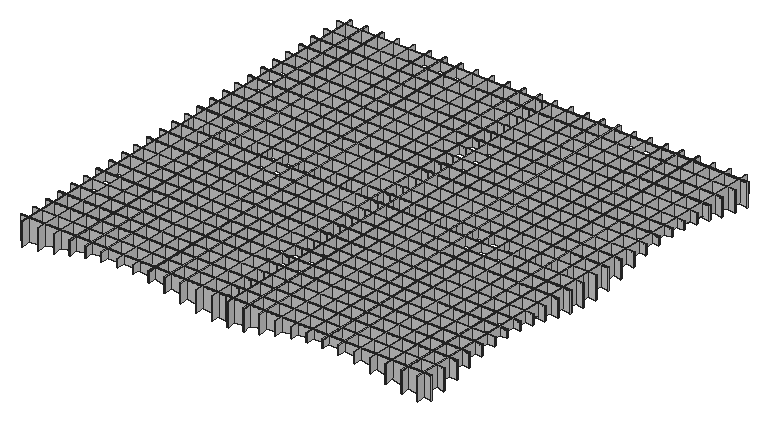
Revit family "CLD-WFL-002_RFA", category Modelos genéricos, Revit 2022 (continued)
Forms (in)
  Extrusion 267, solid
    sketch origin (45.33667, 216, 0) x (0, -1, 0) y (0, 0, 1)
      loop
        spline (12.69122, 6.80001) -> (13.34456, 6.71191) -> (13.99682, 6.61804) -> (14.64799, 6.5185) -> (15.29813, 6.41358) -> (15.94729, 6.30354) -> (16.59553, 6.18867) -> (17.2429, 6.06925) -> (17.88946, 5.94556) -> (18.53527, 5.81787) -> (19.18038, 5.68647) -> (19.82484, 5.55162) -> (20.46871, 5.41362)
        spline (20.46871, 5.41362) -> (21.20701, 5.25043) -> (21.94481, 5.08446) -> (22.68216, 4.91603) -> (23.41914, 4.74548) -> (24.15581, 4.57314) -> (24.89224, 4.39932) -> (25.62848, 4.22436) -> (26.36461, 4.04857) -> (27.10068, 3.8723) -> (27.83677, 3.69586) -> (28.57293, 3.51959) -> (29.30922, 3.3438)
        spline (29.30922, 3.3438) -> (29.95995, 3.18922) -> (30.61094, 3.03586) -> (31.26223, 2.884) -> (31.91387, 2.73392) -> (32.56591, 2.58591) -> (33.21841, 2.44027) -> (33.87141, 2.29726) -> (34.52497, 2.15719) -> (35.17914, 2.02034) -> (35.83396, 1.88699) -> (36.48949, 1.75744) -> (37.14578, 1.63196)
        spline (37.14578, 1.63196) -> (37.87194, 1.50186) -> (38.59907, 1.37703) -> (39.32723, 1.25779) -> (40.05647, 1.14445) -> (40.78684, 1.03728) -> (41.51831, 0.93629) -> (42.25083, 0.84139) -> (42.98434, 0.75249) -> (43.71879, 0.66948) -> (44.45413, 0.59228) -> (45.19029, 0.52078) -> (45.92722, 0.45488)
        spline (45.92722, 0.45488) -> (46.57816, 0.40504) -> (47.22964, 0.35985) -> (47.88162, 0.31924) -> (48.53404, 0.28312) -> (49.18687, 0.2514) -> (49.84004, 0.224) -> (50.49352, 0.20084) -> (51.14725, 0.18183) -> (51.80119, 0.1669) -> (52.45529, 0.15595) -> (53.1095, 0.14891) -> (53.76378, 0.14568)
        spline (53.76378, 0.14568) -> (54.49695, 0.14945) -> (55.23005, 0.1575) -> (55.96302, 0.16993) -> (56.69581, 0.18682) -> (57.42837, 0.20828) -> (58.16064, 0.23439) -> (58.89257, 0.26525) -> (59.6241, 0.30095) -> (60.35518, 0.34158) -> (61.08577, 0.38725) -> (61.8158, 0.43804) -> (62.54522, 0.49405)
        spline (62.54522, 0.49405) -> (63.20286, 0.55285) -> (63.85981, 0.61666) -> (64.51602, 0.68555) -> (65.17144, 0.75961) -> (65.82603, 0.83894) -> (66.47973, 0.92362) -> (67.1325, 1.01374) -> (67.78428, 1.10938) -> (68.43505, 1.21052) -> (69.08486, 1.31692) -> (69.73376, 1.42831) -> (70.38178, 1.54441)
        spline (70.38178, 1.54441) -> (71.11719, 1.68452) -> (71.85174, 1.82919) -> (72.58551, 1.97812) -> (73.31855, 2.13097) -> (74.05091, 2.28743) -> (74.78265, 2.44718) -> (75.51383, 2.60988) -> (76.24449, 2.77524) -> (76.97471, 2.94291) -> (77.70453, 3.11258) -> (78.43402, 3.28394) -> (79.16322, 3.45665)
        spline (79.16322, 3.45665) -> (79.81589, 3.61318) -> (80.46845, 3.77015) -> (81.12094, 3.92726) -> (81.77342, 4.08422) -> (82.42595, 4.24075) -> (83.07858, 4.39655) -> (83.73137, 4.55134) -> (84.38439, 4.70482) -> (85.03768, 4.85671) -> (85.6913, 5.00672) -> (86.34531, 5.15455) -> (86.99978, 5.29992)
        spline (86.99978, 5.29992) -> (87.72678, 5.4553) -> (88.45445, 5.60712) -> (89.18284, 5.75506) -> (89.91202, 5.8988) -> (90.64204, 6.03803) -> (91.37299, 6.17243) -> (92.1049, 6.3017) -> (92.83786, 6.42551) -> (93.57191, 6.54354) -> (94.30712, 6.6555) -> (95.04356, 6.76106) -> (95.78122, 6.8601)
        spline (95.78122, 6.8601) -> (96.43065, 6.93786) -> (97.08095, 7.01021) -> (97.73207, 7.07724) -> (98.38393, 7.13903) -> (99.03648, 7.19567) -> (99.68963, 7.24723) -> (100.34334, 7.29382) -> (100.99753, 7.33551) -> (101.65213, 7.37238) -> (102.30709, 7.40452) -> (102.96233, 7.43202) -> (103.61778, 7.45496)
        spline (103.61778, 7.45496) -> (103.98301, 7.46494) -> (104.34826, 7.47372) -> (104.71353, 7.4813) -> (105.0788, 7.48768) -> (105.44406, 7.4929) -> (105.80931, 7.49695) -> (106.17454, 7.49984) -> (106.53973, 7.5016) -> (106.90488, 7.50223) -> (107.26998, 7.50173) -> (107.63503, 7.50014) -> (108, 7.49745)
        line (108, 7.49745) -> (108, 11.82144)
    from -0.11811 to 0
  Extrusion 268, solid
    sketch origin (45.45478, 216, 0) x (0, -1, 0) y (0, 0, 1)
      loop
        line (108, 11.82144) -> (0, 11.82144) -> (0, 7.49745)
        spline (0, 7.49745) -> (0.32561, 7.50061) -> (0.65129, 7.5028) -> (0.97702, 7.504) -> (1.3028, 7.50421) -> (1.62862, 7.5034) -> (1.95447, 7.50158) -> (2.28035, 7.49874) -> (2.60624, 7.49485) -> (2.93213, 7.48991) -> (3.25803, 7.48392) -> (3.58391, 7.47685) -> (3.90978, 7.46871)
        spline (3.90978, 7.46871) -> (4.64427, 7.44283) -> (5.37852, 7.41184) -> (6.11245, 7.37564) -> (6.84598, 7.33415) -> (7.57905, 7.28726) -> (8.31158, 7.23488) -> (9.04349, 7.17692) -> (9.77471, 7.11327) -> (10.50517, 7.04386) -> (11.23479, 6.96857) -> (11.9635, 6.88732) -> (12.69122, 6.80001)
        spline (12.69122, 6.80001) -> (13.34456, 6.71191) -> (13.99682, 6.61804) -> (14.64799, 6.5185) -> (15.29813, 6.41358) -> (15.94729, 6.30354) -> (16.59553, 6.18867) -> (17.2429, 6.06925) -> (17.88946, 5.94556) -> (18.53527, 5.81787) -> (19.18038, 5.68647) -> (19.82484, 5.55162) -> (20.46871, 5.41362)
        spline (20.46871, 5.41362) -> (21.20701, 5.25043) -> (21.94481, 5.08446) -> (22.68216, 4.91603) -> (23.41914, 4.74548) -> (24.15581, 4.57314) -> (24.89224, 4.39932) -> (25.62848, 4.22436) -> (26.36461, 4.04857) -> (27.10068, 3.8723) -> (27.83677, 3.69586) -> (28.57293, 3.51959) -> (29.30922, 3.3438)
        spline (29.30922, 3.3438) -> (29.95995, 3.18922) -> (30.61094, 3.03586) -> (31.26223, 2.884) -> (31.91387, 2.73392) -> (32.56591, 2.58591) -> (33.21841, 2.44027) -> (33.87141, 2.29726) -> (34.52497, 2.15719) -> (35.17914, 2.02034) -> (35.83396, 1.88699) -> (36.48949, 1.75744) -> (37.14578, 1.63196)
        spline (37.14578, 1.63196) -> (37.87194, 1.50186) -> (38.59907, 1.37703) -> (39.32723, 1.25779) -> (40.05647, 1.14445) -> (40.78684, 1.03728) -> (41.51831, 0.93629) -> (42.25083, 0.84139) -> (42.98434, 0.75249) -> (43.71879, 0.66948) -> (44.45413, 0.59228) -> (45.19029, 0.52078) -> (45.92722, 0.45488)
        spline (45.92722, 0.45488) -> (46.57816, 0.40504) -> (47.22964, 0.35985) -> (47.88162, 0.31924) -> (48.53404, 0.28312) -> (49.18687, 0.2514) -> (49.84004, 0.224) -> (50.49352, 0.20084) -> (51.14725, 0.18183) -> (51.80119, 0.1669) -> (52.45529, 0.15595) -> (53.1095, 0.14891) -> (53.76378, 0.14568)
        spline (53.76378, 0.14568) -> (54.49695, 0.14945) -> (55.23005, 0.1575) -> (55.96302, 0.16993) -> (56.69581, 0.18682) -> (57.42837, 0.20828) -> (58.16064, 0.23439) -> (58.89257, 0.26525) -> (59.6241, 0.30095) -> (60.35518, 0.34158) -> (61.08577, 0.38725) -> (61.8158, 0.43804) -> (62.54522, 0.49405)
        spline (62.54522, 0.49405) -> (63.20286, 0.55285) -> (63.85981, 0.61666) -> (64.51602, 0.68555) -> (65.17144, 0.75961) -> (65.82603, 0.83894) -> (66.47973, 0.92362) -> (67.1325, 1.01374) -> (67.78428, 1.10938) -> (68.43505, 1.21052) -> (69.08486, 1.31692) -> (69.73376, 1.42831) -> (70.38178, 1.54441)
        spline (70.38178, 1.54441) -> (71.11719, 1.68452) -> (71.85174, 1.82919) -> (72.58551, 1.97812) -> (73.31855, 2.13097) -> (74.05091, 2.28743) -> (74.78265, 2.44718) -> (75.51383, 2.60988) -> (76.24449, 2.77524) -> (76.97471, 2.94291) -> (77.70453, 3.11258) -> (78.43402, 3.28394) -> (79.16322, 3.45665)
        spline (79.16322, 3.45665) -> (79.81589, 3.61318) -> (80.46845, 3.77015) -> (81.12094, 3.92726) -> (81.77342, 4.08422) -> (82.42595, 4.24075) -> (83.07858, 4.39655) -> (83.73137, 4.55134) -> (84.38439, 4.70482) -> (85.03768, 4.85671) -> (85.6913, 5.00672) -> (86.34531, 5.15455) -> (86.99978, 5.29992)
        spline (86.99978, 5.29992) -> (87.72678, 5.4553) -> (88.45445, 5.60712) -> (89.18284, 5.75506) -> (89.91202, 5.8988) -> (90.64204, 6.03803) -> (91.37299, 6.17243) -> (92.1049, 6.3017) -> (92.83786, 6.42551) -> (93.57191, 6.54354) -> (94.30712, 6.6555) -> (95.04356, 6.76106) -> (95.78122, 6.8601)
        spline (95.78122, 6.8601) -> (96.43065, 6.93786) -> (97.08095, 7.01021) -> (97.73207, 7.07724) -> (98.38393, 7.13903) -> (99.03648, 7.19567) -> (99.68963, 7.24723) -> (100.34334, 7.29382) -> (100.99753, 7.33551) -> (101.65213, 7.37238) -> (102.30709, 7.40452) -> (102.96233, 7.43202) -> (103.61778, 7.45496)
        spline (103.61778, 7.45496) -> (103.98301, 7.46494) -> (104.34826, 7.47372) -> (104.71353, 7.4813) -> (105.0788, 7.48768) -> (105.44406, 7.4929) -> (105.80931, 7.49695) -> (106.17454, 7.49984) -> (106.53973, 7.5016) -> (106.90488, 7.50223) -> (107.26998, 7.50173) -> (107.63503, 7.50014) -> (108, 7.49745)
        line (108, 7.49745) -> (108, 11.82144)
    from -0.47244 to 0
  Extrusion 269, solid
    sketch origin (53.64567, 216, 0) x (0, -1, 0) y (0, 0, 1)
      loop
        line (108, 11.82144) -> (0, 11.82144) -> (0, 7.82144)
        spline (0, 7.82144) -> (0.32561, 7.82095) -> (0.65129, 7.81946) -> (0.97702, 7.81696) -> (1.3028, 7.81344) -> (1.62862, 7.80889) -> (1.95447, 7.8033) -> (2.28035, 7.79666) -> (2.60624, 7.78896) -> (2.93213, 7.78018) -> (3.25803, 7.77032) -> (3.58391, 7.75937) -> (3.90978, 7.74731)
        spline (3.90978, 7.74731) -> (4.64427, 7.71242) -> (5.37852, 7.6723) -> (6.11245, 7.62684) -> (6.84598, 7.57595) -> (7.57905, 7.51952) -> (8.31158, 7.45747) -> (9.04349, 7.38968) -> (9.77471, 7.31607) -> (10.50517, 7.23653) -> (11.23479, 7.15095) -> (11.9635, 7.05926) -> (12.69122, 6.96133)
        spline (12.69122, 6.96133) -> (13.34952, 6.86267) -> (14.00673, 6.75803) -> (14.66285, 6.64752) -> (15.31792, 6.53144) -> (15.97202, 6.41007) -> (16.62518, 6.28371) -> (17.27747, 6.15266) -> (17.92894, 6.0172) -> (18.57965, 5.87763) -> (19.22966, 5.73424) -> (19.87902, 5.58733) -> (20.52778, 5.43719)
        spline (20.52778, 5.43719) -> (21.26115, 5.26223) -> (21.99402, 5.08449) -> (22.72645, 4.90432) -> (23.4585, 4.72204) -> (24.19025, 4.53802) -> (24.92176, 4.35257) -> (25.65308, 4.16604) -> (26.38429, 3.97878) -> (27.11545, 3.79111) -> (27.84661, 3.60337) -> (28.57785, 3.41592) -> (29.30922, 3.22908)
        spline (29.30922, 3.22908) -> (29.95995, 3.06408) -> (30.61094, 2.90045) -> (31.26223, 2.73848) -> (31.91387, 2.57847) -> (32.56591, 2.42072) -> (33.21841, 2.26553) -> (33.87141, 2.1132) -> (34.52497, 1.96402) -> (35.17914, 1.81831) -> (35.83396, 1.67635) -> (36.48949, 1.53845) -> (37.14578, 1.4049)
        spline (37.14578, 1.4049) -> (37.87194, 1.26645) -> (38.59907, 1.13361) -> (39.32723, 1.00672) -> (40.05647, 0.88609) -> (40.78684, 0.772) -> (41.51831, 0.66448) -> (42.25083, 0.56343) -> (42.98434, 0.46874) -> (43.71879, 0.38032) -> (44.45413, 0.29806) -> (45.19029, 0.22187) -> (45.92722, 0.15163)
        spline (45.92722, 0.15163) -> (46.57816, 0.09849) -> (47.22964, 0.0503) -> (47.88162, 0.00698) -> (48.53404, -0.03156) -> (49.18687, -0.06541) -> (49.84004, -0.09465) -> (50.49352, -0.11938) -> (51.14725, -0.13967) -> (51.80119, -0.15563) -> (52.45529, -0.16732) -> (53.1095, -0.17485) -> (53.76378, -0.1783)
        spline (53.76378, -0.1783) -> (54.49695, -0.17427) -> (55.23005, -0.16567) -> (55.96302, -0.1524) -> (56.69581, -0.13436) -> (57.42837, -0.11145) -> (58.16064, -0.08358) -> (58.89257, -0.05065) -> (59.6241, -0.01255) -> (60.35519, 0.0308) -> (61.08577, 0.07951) -> (61.8158, 0.13367) -> (62.54522, 0.19339)
        spline (62.54522, 0.19339) -> (63.20286, 0.25606) -> (63.85981, 0.32405) -> (64.51602, 0.39745) -> (65.17144, 0.47635) -> (65.82603, 0.56084) -> (66.47973, 0.65101) -> (67.1325, 0.74696) -> (67.78428, 0.84876) -> (68.43505, 0.95641) -> (69.08486, 1.06964) -> (69.73376, 1.18818) -> (70.38178, 1.31173)
        spline (70.38178, 1.31173) -> (71.11718, 1.46086) -> (71.85174, 1.61486) -> (72.58551, 1.77342) -> (73.31855, 1.93618) -> (74.05091, 2.10281) -> (74.78265, 2.27299) -> (75.51382, 2.44637) -> (76.24449, 2.62262) -> (76.97471, 2.8014) -> (77.70453, 2.98238) -> (78.43402, 3.16522) -> (79.16322, 3.34958)
        spline (79.16322, 3.34958) -> (79.81589, 3.5168) -> (80.46845, 3.68457) -> (81.12094, 3.85259) -> (81.77342, 4.02055) -> (82.42595, 4.18815) -> (83.07858, 4.35509) -> (83.73137, 4.52107) -> (84.38439, 4.68578) -> (85.03768, 4.84892) -> (85.6913, 5.01019) -> (86.34531, 5.16929) -> (86.99978, 5.32592)
        spline (86.99978, 5.32592) -> (87.72678, 5.49371) -> (88.45445, 5.65788) -> (89.18284, 5.8181) -> (89.91202, 5.97405) -> (90.64205, 6.12539) -> (91.37299, 6.27179) -> (92.10491, 6.41294) -> (92.83786, 6.54849) -> (93.57191, 6.67812) -> (94.30713, 6.8015) -> (95.04356, 6.9183) -> (95.78122, 7.02841)
        spline (95.78122, 7.02841) -> (96.43065, 7.11563) -> (97.08095, 7.1973) -> (97.73207, 7.2735) -> (98.38393, 7.34432) -> (99.03648, 7.40985) -> (99.68963, 7.47018) -> (100.34334, 7.52539) -> (100.99753, 7.57558) -> (101.65213, 7.62083) -> (102.30709, 7.66123) -> (102.96233, 7.69687) -> (103.61778, 7.72784)
        spline (103.61778, 7.72784) -> (103.98301, 7.74223) -> (104.34826, 7.75539) -> (104.71352, 7.76731) -> (105.07879, 7.77803) -> (105.44406, 7.78753) -> (105.80931, 7.79585) -> (106.17453, 7.80299) -> (106.53973, 7.80897) -> (106.90488, 7.81379) -> (107.26998, 7.81746) -> (107.63503, 7.82001) -> (108, 7.82144)
        line (108, 7.82144) -> (108, 11.82144)
    from -0.11811 to 0
  Extrusion 270, solid
    sketch origin (53.76378, 216, 0) x (0, -1, 0) y (0, 0, 1)
      loop
        line (108, 11.82144) -> (0, 11.82144) -> (0, 7.82144)
        spline (0, 7.82144) -> (0.32561, 7.82095) -> (0.65129, 7.81946) -> (0.97702, 7.81696) -> (1.3028, 7.81344) -> (1.62862, 7.80889) -> (1.95447, 7.8033) -> (2.28035, 7.79666) -> (2.60624, 7.78896) -> (2.93213, 7.78018) -> (3.25803, 7.77032) -> (3.58391, 7.75937) -> (3.90978, 7.74731)
        spline (3.90978, 7.74731) -> (4.64427, 7.71242) -> (5.37852, 7.6723) -> (6.11245, 7.62684) -> (6.84598, 7.57595) -> (7.57905, 7.51952) -> (8.31158, 7.45747) -> (9.04349, 7.38968) -> (9.77471, 7.31607) -> (10.50517, 7.23653) -> (11.23479, 7.15095) -> (11.9635, 7.05926) -> (12.69122, 6.96133)
        spline (12.69122, 6.96133) -> (13.34952, 6.86267) -> (14.00673, 6.75803) -> (14.66285, 6.64752) -> (15.31792, 6.53144) -> (15.97202, 6.41007) -> (16.62518, 6.28371) -> (17.27747, 6.15266) -> (17.92894, 6.0172) -> (18.57965, 5.87763) -> (19.22966, 5.73424) -> (19.87902, 5.58733) -> (20.52778, 5.43719)
        spline (20.52778, 5.43719) -> (21.26115, 5.26223) -> (21.99402, 5.08449) -> (22.72645, 4.90432) -> (23.4585, 4.72204) -> (24.19025, 4.53802) -> (24.92176, 4.35257) -> (25.65308, 4.16604) -> (26.38429, 3.97878) -> (27.11545, 3.79111) -> (27.84661, 3.60337) -> (28.57785, 3.41592) -> (29.30922, 3.22908)
        spline (29.30922, 3.22908) -> (29.95995, 3.06408) -> (30.61094, 2.90045) -> (31.26223, 2.73848) -> (31.91387, 2.57847) -> (32.56591, 2.42072) -> (33.21841, 2.26553) -> (33.87141, 2.1132) -> (34.52497, 1.96402) -> (35.17914, 1.81831) -> (35.83396, 1.67635) -> (36.48949, 1.53845) -> (37.14578, 1.4049)
        spline (37.14578, 1.4049) -> (37.87194, 1.26645) -> (38.59907, 1.13361) -> (39.32723, 1.00672) -> (40.05647, 0.88609) -> (40.78684, 0.772) -> (41.51831, 0.66448) -> (42.25083, 0.56343) -> (42.98434, 0.46874) -> (43.71879, 0.38032) -> (44.45413, 0.29806) -> (45.19029, 0.22187) -> (45.92722, 0.15163)
        spline (45.92722, 0.15163) -> (46.57816, 0.09849) -> (47.22964, 0.0503) -> (47.88162, 0.00698) -> (48.53404, -0.03156) -> (49.18687, -0.06541) -> (49.84004, -0.09465) -> (50.49352, -0.11938) -> (51.14725, -0.13967) -> (51.80119, -0.15563) -> (52.45529, -0.16732) -> (53.1095, -0.17485) -> (53.76378, -0.1783)
        spline (53.76378, -0.1783) -> (54.49695, -0.17427) -> (55.23005, -0.16567) -> (55.96302, -0.1524) -> (56.69581, -0.13436) -> (57.42837, -0.11145) -> (58.16064, -0.08358) -> (58.89257, -0.05065) -> (59.6241, -0.01255) -> (60.35519, 0.0308) -> (61.08577, 0.07951) -> (61.8158, 0.13367) -> (62.54522, 0.19339)
        spline (62.54522, 0.19339) -> (63.20286, 0.25606) -> (63.85981, 0.32405) -> (64.51602, 0.39745) -> (65.17144, 0.47635) -> (65.82603, 0.56084) -> (66.47973, 0.65101) -> (67.1325, 0.74696) -> (67.78428, 0.84876) -> (68.43505, 0.95641) -> (69.08486, 1.06964) -> (69.73376, 1.18818) -> (70.38178, 1.31173)
        spline (70.38178, 1.31173) -> (71.11718, 1.46086) -> (71.85174, 1.61486) -> (72.58551, 1.77342) -> (73.31855, 1.93618) -> (74.05091, 2.10281) -> (74.78265, 2.27299) -> (75.51382, 2.44637) -> (76.24449, 2.62262) -> (76.97471, 2.8014) -> (77.70453, 2.98238) -> (78.43402, 3.16522) -> (79.16322, 3.34958)
        spline (79.16322, 3.34958) -> (79.81589, 3.5168) -> (80.46845, 3.68457) -> (81.12094, 3.85259) -> (81.77342, 4.02055) -> (82.42595, 4.18815) -> (83.07858, 4.35509) -> (83.73137, 4.52107) -> (84.38439, 4.68578) -> (85.03768, 4.84892) -> (85.6913, 5.01019) -> (86.34531, 5.16929) -> (86.99978, 5.32592)
        spline (86.99978, 5.32592) -> (87.72678, 5.49371) -> (88.45445, 5.65788) -> (89.18284, 5.8181) -> (89.91202, 5.97405) -> (90.64205, 6.12539) -> (91.37299, 6.27179) -> (92.10491, 6.41294) -> (92.83786, 6.54849) -> (93.57191, 6.67812) -> (94.30713, 6.8015) -> (95.04356, 6.9183) -> (95.78122, 7.02841)
        spline (95.78122, 7.02841) -> (96.43065, 7.11563) -> (97.08095, 7.1973) -> (97.73207, 7.2735) -> (98.38393, 7.34432) -> (99.03648, 7.40985) -> (99.68963, 7.47018) -> (100.34334, 7.52539) -> (100.99753, 7.57558) -> (101.65213, 7.62083) -> (102.30709, 7.66123) -> (102.96233, 7.69687) -> (103.61778, 7.72784)
        spline (103.61778, 7.72784) -> (103.98301, 7.74223) -> (104.34826, 7.75539) -> (104.71352, 7.76731) -> (105.07879, 7.77803) -> (105.44406, 7.78753) -> (105.80931, 7.79585) -> (106.17453, 7.80299) -> (106.53973, 7.80897) -> (106.90488, 7.81379) -> (107.26998, 7.81746) -> (107.63503, 7.82001) -> (108, 7.82144)
        line (108, 7.82144) -> (108, 11.82144)
    from -0.47244 to 0
  Extrusion 271, solid
    sketch origin (54.23622, 216, 0) x (0, -1, 0) y (0, 0, 1)
      loop
        line (108, 11.82144) -> (0, 11.82144) -> (0, 7.82144)
        spline (0, 7.82144) -> (0.32561, 7.82095) -> (0.65129, 7.81946) -> (0.97702, 7.81696) -> (1.3028, 7.81344) -> (1.62862, 7.80889) -> (1.95447, 7.8033) -> (2.28035, 7.79666) -> (2.60624, 7.78896) -> (2.93213, 7.78018) -> (3.25803, 7.77032) -> (3.58391, 7.75937) -> (3.90978, 7.74731)
        spline (3.90978, 7.74731) -> (4.64427, 7.71242) -> (5.37852, 7.6723) -> (6.11245, 7.62684) -> (6.84598, 7.57595) -> (7.57905, 7.51952) -> (8.31158, 7.45747) -> (9.04349, 7.38968) -> (9.77471, 7.31607) -> (10.50517, 7.23653) -> (11.23479, 7.15095) -> (11.9635, 7.05926) -> (12.69122, 6.96133)
        spline (12.69122, 6.96133) -> (13.34952, 6.86267) -> (14.00673, 6.75803) -> (14.66285, 6.64752) -> (15.31792, 6.53144) -> (15.97202, 6.41007) -> (16.62518, 6.28371) -> (17.27747, 6.15266) -> (17.92894, 6.0172) -> (18.57965, 5.87763) -> (19.22966, 5.73424) -> (19.87902, 5.58733) -> (20.52778, 5.43719)
        spline (20.52778, 5.43719) -> (21.26115, 5.26223) -> (21.99402, 5.08449) -> (22.72645, 4.90432) -> (23.4585, 4.72204) -> (24.19025, 4.53802) -> (24.92176, 4.35257) -> (25.65308, 4.16604) -> (26.38429, 3.97878) -> (27.11545, 3.79111) -> (27.84661, 3.60337) -> (28.57785, 3.41592) -> (29.30922, 3.22908)
        spline (29.30922, 3.22908) -> (29.95995, 3.06408) -> (30.61094, 2.90045) -> (31.26223, 2.73848) -> (31.91387, 2.57847) -> (32.56591, 2.42072) -> (33.21841, 2.26553) -> (33.87141, 2.1132) -> (34.52497, 1.96402) -> (35.17914, 1.81831) -> (35.83396, 1.67635) -> (36.48949, 1.53845) -> (37.14578, 1.4049)
        spline (37.14578, 1.4049) -> (37.87194, 1.26645) -> (38.59907, 1.13361) -> (39.32723, 1.00672) -> (40.05647, 0.88609) -> (40.78684, 0.772) -> (41.51831, 0.66448) -> (42.25083, 0.56343) -> (42.98434, 0.46874) -> (43.71879, 0.38032) -> (44.45413, 0.29806) -> (45.19029, 0.22187) -> (45.92722, 0.15163)
        spline (45.92722, 0.15163) -> (46.57816, 0.09849) -> (47.22964, 0.0503) -> (47.88162, 0.00698) -> (48.53404, -0.03156) -> (49.18687, -0.06541) -> (49.84004, -0.09465) -> (50.49352, -0.11938) -> (51.14725, -0.13967) -> (51.80119, -0.15563) -> (52.45529, -0.16732) -> (53.1095, -0.17485) -> (53.76378, -0.1783)
        spline (53.76378, -0.1783) -> (54.49695, -0.17427) -> (55.23005, -0.16567) -> (55.96302, -0.1524) -> (56.69581, -0.13436) -> (57.42837, -0.11145) -> (58.16064, -0.08358) -> (58.89257, -0.05065) -> (59.6241, -0.01255) -> (60.35519, 0.0308) -> (61.08577, 0.07951) -> (61.8158, 0.13367) -> (62.54522, 0.19339)
        spline (62.54522, 0.19339) -> (63.20286, 0.25606) -> (63.85981, 0.32405) -> (64.51602, 0.39745) -> (65.17144, 0.47635) -> (65.82603, 0.56084) -> (66.47973, 0.65101) -> (67.1325, 0.74696) -> (67.78428, 0.84876) -> (68.43505, 0.95641) -> (69.08486, 1.06964) -> (69.73376, 1.18818) -> (70.38178, 1.31173)
        spline (70.38178, 1.31173) -> (71.11718, 1.46086) -> (71.85174, 1.61486) -> (72.58551, 1.77342) -> (73.31855, 1.93618) -> (74.05091, 2.10281) -> (74.78265, 2.27299) -> (75.51382, 2.44637) -> (76.24449, 2.62262) -> (76.97471, 2.8014) -> (77.70453, 2.98238) -> (78.43402, 3.16522) -> (79.16322, 3.34958)
        spline (79.16322, 3.34958) -> (79.81589, 3.5168) -> (80.46845, 3.68457) -> (81.12094, 3.85259) -> (81.77342, 4.02055) -> (82.42595, 4.18815) -> (83.07858, 4.35509) -> (83.73137, 4.52107) -> (84.38439, 4.68578) -> (85.03768, 4.84892) -> (85.6913, 5.01019) -> (86.34531, 5.16929) -> (86.99978, 5.32592)
        spline (86.99978, 5.32592) -> (87.72678, 5.49371) -> (88.45445, 5.65788) -> (89.18284, 5.8181) -> (89.91202, 5.97405) -> (90.64205, 6.12539) -> (91.37299, 6.27179) -> (92.10491, 6.41294) -> (92.83786, 6.54849) -> (93.57191, 6.67812) -> (94.30713, 6.8015) -> (95.04356, 6.9183) -> (95.78122, 7.02841)
        spline (95.78122, 7.02841) -> (96.43065, 7.11563) -> (97.08095, 7.1973) -> (97.73207, 7.2735) -> (98.38393, 7.34432) -> (99.03648, 7.40985) -> (99.68963, 7.47018) -> (100.34334, 7.52539) -> (100.99753, 7.57558) -> (101.65213, 7.62083) -> (102.30709, 7.66123) -> (102.96233, 7.69687) -> (103.61778, 7.72784)
        spline (103.61778, 7.72784) -> (103.98301, 7.74223) -> (104.34826, 7.75539) -> (104.71352, 7.76731) -> (105.07879, 7.77803) -> (105.44406, 7.78753) -> (105.80931, 7.79585) -> (106.17453, 7.80299) -> (106.53973, 7.80897) -> (106.90488, 7.81379) -> (107.26998, 7.81746) -> (107.63503, 7.82001) -> (108, 7.82144)
        line (108, 7.82144) -> (108, 11.82144)
    from -0.11811 to 0
  Extrusion 272, solid
    sketch origin (45.92722, 216, 0) x (0, -1, 0) y (0, 0, 1)
      loop
        line (108, 11.82144) -> (0, 11.82144) -> (0, 7.49745)
        spline (0, 7.49745) -> (0.32561, 7.50061) -> (0.65129, 7.5028) -> (0.97702, 7.504) -> (1.3028, 7.50421) -> (1.62862, 7.5034) -> (1.95447, 7.50158) -> (2.28035, 7.49874) -> (2.60624, 7.49485) -> (2.93213, 7.48991) -> (3.25803, 7.48392) -> (3.58391, 7.47685) -> (3.90978, 7.46871)
        spline (3.90978, 7.46871) -> (4.64427, 7.44283) -> (5.37852, 7.41184) -> (6.11245, 7.37564) -> (6.84598, 7.33415) -> (7.57905, 7.28726) -> (8.31158, 7.23488) -> (9.04349, 7.17692) -> (9.77471, 7.11327) -> (10.50517, 7.04386) -> (11.23479, 6.96857) -> (11.9635, 6.88732) -> (12.69122, 6.80001)
        spline (12.69122, 6.80001) -> (13.34456, 6.71191) -> (13.99682, 6.61804) -> (14.64799, 6.5185) -> (15.29813, 6.41358) -> (15.94729, 6.30354) -> (16.59553, 6.18867) -> (17.2429, 6.06925) -> (17.88946, 5.94556) -> (18.53527, 5.81787) -> (19.18038, 5.68647) -> (19.82484, 5.55162) -> (20.46871, 5.41362)
        spline (20.46871, 5.41362) -> (21.20701, 5.25043) -> (21.94481, 5.08446) -> (22.68216, 4.91603) -> (23.41914, 4.74548) -> (24.15581, 4.57314) -> (24.89224, 4.39932) -> (25.62848, 4.22436) -> (26.36461, 4.04857) -> (27.10068, 3.8723) -> (27.83677, 3.69586) -> (28.57293, 3.51959) -> (29.30922, 3.3438)
        spline (29.30922, 3.3438) -> (29.95995, 3.18922) -> (30.61094, 3.03586) -> (31.26223, 2.884) -> (31.91387, 2.73392) -> (32.56591, 2.58591) -> (33.21841, 2.44027) -> (33.87141, 2.29726) -> (34.52497, 2.15719) -> (35.17914, 2.02034) -> (35.83396, 1.88699) -> (36.48949, 1.75744) -> (37.14578, 1.63196)
        spline (37.14578, 1.63196) -> (37.87194, 1.50186) -> (38.59907, 1.37703) -> (39.32723, 1.25779) -> (40.05647, 1.14445) -> (40.78684, 1.03728) -> (41.51831, 0.93629) -> (42.25083, 0.84139) -> (42.98434, 0.75249) -> (43.71879, 0.66948) -> (44.45413, 0.59228) -> (45.19029, 0.52078) -> (45.92722, 0.45488)
        spline (45.92722, 0.45488) -> (46.57816, 0.40504) -> (47.22964, 0.35985) -> (47.88162, 0.31924) -> (48.53404, 0.28312) -> (49.18687, 0.2514) -> (49.84004, 0.224) -> (50.49352, 0.20084) -> (51.14725, 0.18183) -> (51.80119, 0.1669) -> (52.45529, 0.15595) -> (53.1095, 0.14891) -> (53.76378, 0.14568)
        spline (53.76378, 0.14568) -> (54.49695, 0.14945) -> (55.23005, 0.1575) -> (55.96302, 0.16993) -> (56.69581, 0.18682) -> (57.42837, 0.20828) -> (58.16064, 0.23439) -> (58.89257, 0.26525) -> (59.6241, 0.30095) -> (60.35518, 0.34158) -> (61.08577, 0.38725) -> (61.8158, 0.43804) -> (62.54522, 0.49405)
        spline (62.54522, 0.49405) -> (63.20286, 0.55285) -> (63.85981, 0.61666) -> (64.51602, 0.68555) -> (65.17144, 0.75961) -> (65.82603, 0.83894) -> (66.47973, 0.92362) -> (67.1325, 1.01374) -> (67.78428, 1.10938) -> (68.43505, 1.21052) -> (69.08486, 1.31692) -> (69.73376, 1.42831) -> (70.38178, 1.54441)
        spline (70.38178, 1.54441) -> (71.11719, 1.68452) -> (71.85174, 1.82919) -> (72.58551, 1.97812) -> (73.31855, 2.13097) -> (74.05091, 2.28743) -> (74.78265, 2.44718) -> (75.51383, 2.60988) -> (76.24449, 2.77524) -> (76.97471, 2.94291) -> (77.70453, 3.11258) -> (78.43402, 3.28394) -> (79.16322, 3.45665)
        spline (79.16322, 3.45665) -> (79.81589, 3.61318) -> (80.46845, 3.77015) -> (81.12094, 3.92726) -> (81.77342, 4.08422) -> (82.42595, 4.24075) -> (83.07858, 4.39655) -> (83.73137, 4.55134) -> (84.38439, 4.70482) -> (85.03768, 4.85671) -> (85.6913, 5.00672) -> (86.34531, 5.15455) -> (86.99978, 5.29992)
        spline (86.99978, 5.29992) -> (87.72678, 5.4553) -> (88.45445, 5.60712) -> (89.18284, 5.75506) -> (89.91202, 5.8988) -> (90.64204, 6.03803) -> (91.37299, 6.17243) -> (92.1049, 6.3017) -> (92.83786, 6.42551) -> (93.57191, 6.54354) -> (94.30712, 6.6555) -> (95.04356, 6.76106) -> (95.78122, 6.8601)
        spline (95.78122, 6.8601) -> (96.43065, 6.93786) -> (97.08095, 7.01021) -> (97.73207, 7.07724) -> (98.38393, 7.13903) -> (99.03648, 7.19567) -> (99.68963, 7.24723) -> (100.34334, 7.29382) -> (100.99753, 7.33551) -> (101.65213, 7.37238) -> (102.30709, 7.40452) -> (102.96233, 7.43202) -> (103.61778, 7.45496)
        spline (103.61778, 7.45496) -> (103.98301, 7.46494) -> (104.34826, 7.47372) -> (104.71353, 7.4813) -> (105.0788, 7.48768) -> (105.44406, 7.4929) -> (105.80931, 7.49695) -> (106.17454, 7.49984) -> (106.53973, 7.5016) -> (106.90488, 7.50223) -> (107.26998, 7.50173) -> (107.63503, 7.50014) -> (108, 7.49745)
        line (108, 7.49745) -> (108, 11.82144)
    from -0.11811 to 0
  Extrusion 273, solid
    sketch origin (37.61822, 216, 0) x (0, -1, 0) y (0, 0, 1)
      loop
        line (108, 11.82144) -> (0, 11.82144) -> (0, 6.40455)
        spline (0, 6.40455) -> (0.32561, 6.42139) -> (0.65129, 6.43729) -> (0.97702, 6.45226) -> (1.3028, 6.46628) -> (1.62862, 6.47935) -> (1.95447, 6.49146) -> (2.28035, 6.50259) -> (2.60624, 6.51274) -> (2.93213, 6.52189) -> (3.25803, 6.53005) -> (3.58391, 6.5372) -> (3.90978, 6.54334)
        spline (3.90978, 6.54334) -> (4.64427, 6.55011) -> (5.37852, 6.55208) -> (6.11244, 6.54917) -> (6.84598, 6.5413) -> (7.57905, 6.52839) -> (8.31157, 6.51035) -> (9.04349, 6.4871) -> (9.77471, 6.45856) -> (10.50517, 6.42465) -> (11.23479, 6.38528) -> (11.9635, 6.34038) -> (12.69122, 6.28985)
        spline (12.69122, 6.28985) -> (13.34952, 6.23514) -> (14.00673, 6.17505) -> (14.66285, 6.10968) -> (15.31792, 6.03926) -> (15.97202, 5.96405) -> (16.62518, 5.88427) -> (17.27747, 5.80017) -> (17.92894, 5.712) -> (18.57965, 5.62) -> (19.22966, 5.52441) -> (19.87902, 5.42547) -> (20.52778, 5.32343)
        spline (20.52778, 5.32343) -> (21.26115, 5.20293) -> (21.99402, 5.07965) -> (22.72645, 4.95385) -> (23.4585, 4.82583) -> (24.19025, 4.69586) -> (24.92176, 4.56423) -> (25.65308, 4.43121) -> (26.38429, 4.29709) -> (27.11544, 4.16214) -> (27.84661, 4.02665) -> (28.57785, 3.8909) -> (29.30922, 3.75516)
        spline (29.30922, 3.75516) -> (29.95995, 3.63466) -> (30.61094, 3.51485) -> (31.26223, 3.39599) -> (31.91387, 3.2783) -> (32.56591, 3.16206) -> (33.21841, 3.04749) -> (33.87141, 2.93486) -> (34.52497, 2.8244) -> (35.17914, 2.71637) -> (35.83396, 2.61101) -> (36.48949, 2.50857) -> (37.14578, 2.4093)
        spline (37.14578, 2.4093) -> (37.87194, 2.30632) -> (38.59907, 2.20751) -> (39.32723, 2.11315) -> (40.05647, 2.02349) -> (40.78684, 1.93878) -> (41.51831, 1.85902) -> (42.25083, 1.78415) -> (42.98434, 1.71406) -> (43.71879, 1.64869) -> (44.45413, 1.58794) -> (45.19029, 1.53174) -> (45.92722, 1.47999)
        spline (45.92722, 1.47999) -> (46.57816, 1.44092) -> (47.22964, 1.40553) -> (47.88162, 1.37376) -> (48.53404, 1.34552) -> (49.18687, 1.32076) -> (49.84004, 1.2994) -> (50.49352, 1.28136) -> (51.14725, 1.26658) -> (51.80119, 1.25497) -> (52.45529, 1.24648) -> (53.1095, 1.24101) -> (53.76378, 1.23852)
        spline (53.76378, 1.23852) -> (54.49695, 1.24145) -> (55.23005, 1.2477) -> (55.96302, 1.25736) -> (56.69581, 1.2705) -> (57.42836, 1.2872) -> (58.16063, 1.30755) -> (58.89256, 1.33163) -> (59.62409, 1.35951) -> (60.35518, 1.39128) -> (61.08577, 1.42702) -> (61.8158, 1.46681) -> (62.54522, 1.51073)
        spline (62.54522, 1.51073) -> (63.20286, 1.5569) -> (63.85981, 1.60706) -> (64.51602, 1.66127) -> (65.17144, 1.7196) -> (65.82603, 1.78214) -> (66.47973, 1.84896) -> (67.1325, 1.92013) -> (67.78428, 1.99572) -> (68.43505, 2.07573) -> (69.08486, 2.15994) -> (69.73376, 2.24811) -> (70.38178, 2.34001)
        spline (70.38178, 2.34001) -> (71.11719, 2.45082) -> (71.85175, 2.56518) -> (72.58552, 2.6828) -> (73.31856, 2.80343) -> (74.05092, 2.92677) -> (74.78266, 3.05256) -> (75.51384, 3.1805) -> (76.2445, 3.31033) -> (76.97472, 3.44177) -> (77.70454, 3.57454) -> (78.43402, 3.70836) -> (79.16322, 3.84296)
        spline (79.16322, 3.84296) -> (79.81589, 3.96449) -> (80.46845, 4.08604) -> (81.12094, 4.20735) -> (81.77342, 4.32817) -> (82.42595, 4.44826) -> (83.07858, 4.56736) -> (83.73137, 4.68523) -> (84.38439, 4.80161) -> (85.03768, 4.91625) -> (85.6913, 5.02891) -> (86.34531, 5.13933) -> (86.99978, 5.24726)
        spline (86.99978, 5.24726) -> (87.72678, 5.36123) -> (88.45444, 5.47173) -> (89.18283, 5.57848) -> (89.91201, 5.68121) -> (90.64203, 5.77964) -> (91.37298, 5.87351) -> (92.10489, 5.96254) -> (92.83785, 6.04646) -> (93.5719, 6.125) -> (94.30712, 6.19789) -> (95.04356, 6.26486) -> (95.78122, 6.32579)
        spline (95.78122, 6.32579) -> (96.46987, 6.37175) -> (97.15943, 6.41238) -> (97.84985, 6.44778) -> (98.54104, 6.47801) -> (99.23294, 6.50316) -> (99.92548, 6.5233) -> (100.61859, 6.53851) -> (101.3122, 6.54886) -> (102.00624, 6.55445) -> (102.70063, 6.55534) -> (103.39532, 6.55161) -> (104.09022, 6.54334)
        spline (104.09022, 6.54334) -> (104.41609, 6.5372) -> (104.74197, 6.53005) -> (105.06787, 6.52189) -> (105.39376, 6.51274) -> (105.71965, 6.50259) -> (106.04553, 6.49146) -> (106.37138, 6.47935) -> (106.6972, 6.46628) -> (107.02298, 6.45226) -> (107.34871, 6.43729) -> (107.67439, 6.42139) -> (108, 6.40455)
        line (108, 6.40455) -> (108, 11.82144)
    from -0.11811 to 0
  Extrusion 274, solid
    sketch origin (29.30922, 216, 0) x (0, -1, 0) y (0, 0, 1)
      loop
        line (108, 11.82144) -> (0, 11.82144) -> (0, 4.58891)
        spline (0, 4.58891) -> (0.32561, 4.62796) -> (0.65129, 4.66617) -> (0.97702, 4.70353) -> (1.3028, 4.74004) -> (1.62862, 4.77569) -> (1.95447, 4.81048) -> (2.28035, 4.84439) -> (2.60624, 4.87743) -> (2.93213, 4.90957) -> (3.25803, 4.94083) -> (3.58391, 4.97119) -> (3.90978, 5.00064)
        spline (3.90978, 5.00064) -> (4.64427, 5.06081) -> (5.37851, 5.11675) -> (6.11244, 5.16838) -> (6.84597, 5.21566) -> (7.57904, 5.25851) -> (8.31157, 5.29688) -> (9.04348, 5.33072) -> (9.7747, 5.35995) -> (10.50516, 5.38452) -> (11.23478, 5.40437) -> (11.96349, 5.41944) -> (12.69122, 5.42966)
        spline (12.69122, 5.42966) -> (13.34952, 5.43128) -> (14.00673, 5.42829) -> (14.66285, 5.42076) -> (15.31792, 5.40886) -> (15.97202, 5.39278) -> (16.62518, 5.37269) -> (17.27747, 5.34877) -> (17.92894, 5.32119) -> (18.57965, 5.29014) -> (19.22966, 5.2558) -> (19.87902, 5.21833) -> (20.52778, 5.17793)
        spline (20.52778, 5.17793) -> (21.26115, 5.12722) -> (21.99402, 5.0737) -> (22.72645, 5.01759) -> (23.45851, 4.95908) -> (24.19025, 4.89838) -> (24.92176, 4.8357) -> (25.65308, 4.77124) -> (26.38429, 4.70521) -> (27.11544, 4.63782) -> (27.84661, 4.56926) -> (28.57785, 4.49975) -> (29.30922, 4.42949)
        spline (29.30922, 4.42949) -> (29.95995, 4.366) -> (30.61094, 4.30234) -> (31.26223, 4.2387) -> (31.91387, 4.17525) -> (32.56591, 4.11218) -> (33.21841, 4.04966) -> (33.87141, 3.98789) -> (34.52497, 3.92703) -> (35.17914, 3.86728) -> (35.83396, 3.80881) -> (36.48949, 3.75181) -> (37.14578, 3.69645)
        spline (37.14578, 3.69645) -> (37.87194, 3.63892) -> (38.59907, 3.58371) -> (39.32723, 3.53102) -> (40.05647, 3.48105) -> (40.78684, 3.43397) -> (41.51831, 3.38979) -> (42.25083, 3.34845) -> (42.98434, 3.30989) -> (43.7188, 3.27405) -> (44.45413, 3.24086) -> (45.19029, 3.21027) -> (45.92722, 3.18221)
        spline (45.92722, 3.18221) -> (46.57816, 3.16116) -> (47.22964, 3.14217) -> (47.88162, 3.12519) -> (48.53404, 3.11017) -> (49.18687, 3.09705) -> (49.84004, 3.08579) -> (50.49352, 3.07632) -> (51.14725, 3.06859) -> (51.80119, 3.06255) -> (52.45529, 3.05816) -> (53.1095, 3.05535) -> (53.76378, 3.05407)
        spline (53.76378, 3.05407) -> (54.49695, 3.0556) -> (55.23004, 3.05885) -> (55.96301, 3.06387) -> (56.6958, 3.07073) -> (57.42836, 3.07948) -> (58.16062, 3.09019) -> (58.89255, 3.10292) -> (59.62409, 3.11771) -> (60.35517, 3.13464) -> (61.08576, 3.15376) -> (61.81579, 3.17514) -> (62.54522, 3.19882)
        spline (62.54522, 3.19882) -> (63.20286, 3.22386) -> (63.85981, 3.25117) -> (64.51602, 3.28078) -> (65.17144, 3.31277) -> (65.82603, 3.34719) -> (66.47973, 3.38408) -> (67.1325, 3.42351) -> (67.78428, 3.46553) -> (68.43505, 3.51013) -> (69.08486, 3.55715) -> (69.73376, 3.60642) -> (70.38178, 3.65777)
        spline (70.38178, 3.65777) -> (71.1172, 3.71948) -> (71.85176, 3.78304) -> (72.58554, 3.84824) -> (73.31858, 3.91488) -> (74.05094, 3.98275) -> (74.78268, 4.05166) -> (75.51385, 4.12139) -> (76.24452, 4.19176) -> (76.97473, 4.26254) -> (77.70455, 4.33354) -> (78.43403, 4.40456) -> (79.16322, 4.47539)
        spline (79.16322, 4.47539) -> (79.80403, 4.53723) -> (80.44473, 4.59841) -> (81.08536, 4.65876) -> (81.72599, 4.7181) -> (82.36666, 4.77623) -> (83.00743, 4.83299) -> (83.64836, 4.88819) -> (84.28951, 4.94166) -> (84.93093, 4.9932) -> (85.57267, 5.04265) -> (86.21481, 5.08982) -> (86.85738, 5.13453)
        spline (86.85738, 5.13453) -> (87.59614, 5.18092) -> (88.33559, 5.22395) -> (89.07577, 5.26344) -> (89.81676, 5.29917) -> (90.55862, 5.33094) -> (91.30141, 5.35856) -> (92.04519, 5.38181) -> (92.79004, 5.4005) -> (93.53601, 5.41442) -> (94.28316, 5.42338) -> (95.03157, 5.42716) -> (95.78122, 5.4257)
        spline (95.78122, 5.4257) -> (96.43065, 5.41648) -> (97.08095, 5.40294) -> (97.73207, 5.38513) -> (98.38393, 5.36311) -> (99.03648, 5.33693) -> (99.68963, 5.30665) -> (100.34334, 5.27231) -> (100.99753, 5.23398) -> (101.65213, 5.19169) -> (102.30709, 5.14552) -> (102.96233, 5.09551) -> (103.61778, 5.04172)
        spline (103.61778, 5.04172) -> (103.98301, 5.00943) -> (104.34827, 4.97613) -> (104.71354, 4.94182) -> (105.07881, 4.90651) -> (105.44407, 4.8702) -> (105.80932, 4.83291) -> (106.17455, 4.79465) -> (106.53974, 4.75541) -> (106.90489, 4.71521) -> (107.26999, 4.67406) -> (107.63503, 4.63196) -> (108, 4.58891)
        line (108, 4.58891) -> (108, 11.82144)
    from -0.11811 to 0
  Extrusion 275, solid
    sketch origin (21.00022, 216, 0) x (0, -1, 0) y (0, 0, 1)
      loop
        line (108, 11.82144) -> (0, 11.82144) -> (0, 2.55729)
        spline (0, 2.55729) -> (0.32561, 2.61504) -> (0.65129, 2.67215) -> (0.97702, 2.72862) -> (1.3028, 2.78445) -> (1.62862, 2.83963) -> (1.95447, 2.89415) -> (2.28035, 2.94802) -> (2.60624, 3.00123) -> (2.93213, 3.05379) -> (3.25803, 3.10567) -> (3.58391, 3.15689) -> (3.90978, 3.20744)
        spline (3.90978, 3.20744) -> (4.64427, 3.31686) -> (5.37851, 3.42317) -> (6.11243, 3.52634) -> (6.84596, 3.62635) -> (7.57903, 3.72316) -> (8.31156, 3.81675) -> (9.04347, 3.90709) -> (9.77469, 3.99415) -> (10.50515, 4.07789) -> (11.23478, 4.1583) -> (11.96349, 4.23534) -> (12.69122, 4.30898)
        spline (12.69122, 4.30898) -> (13.34952, 4.37039) -> (14.00673, 4.4286) -> (14.66285, 4.48364) -> (15.31792, 4.53559) -> (15.97202, 4.58455) -> (16.62518, 4.63059) -> (17.27747, 4.67381) -> (17.92894, 4.71429) -> (18.57965, 4.75212) -> (19.22966, 4.78738) -> (19.87902, 4.82016) -> (20.52778, 4.85054)
        spline (20.52778, 4.85054) -> (21.26115, 4.88062) -> (21.99402, 4.90823) -> (22.72646, 4.93347) -> (23.45851, 4.95644) -> (24.19026, 4.97724) -> (24.92176, 4.99598) -> (25.65309, 5.01275) -> (26.38429, 5.02764) -> (27.11545, 5.04077) -> (27.84661, 5.05223) -> (28.57785, 5.06211) -> (29.30922, 5.07053)
        spline (29.30922, 5.07053) -> (29.95995, 5.07584) -> (30.61094, 5.08009) -> (31.26223, 5.08336) -> (31.91387, 5.08574) -> (32.56591, 5.08733) -> (33.21841, 5.0882) -> (33.87141, 5.08846) -> (34.52497, 5.08817) -> (35.17914, 5.08744) -> (35.83396, 5.08636) -> (36.48949, 5.085) -> (37.14578, 5.08346)
        spline (37.14578, 5.08346) -> (37.87194, 5.08165) -> (38.59907, 5.0799) -> (39.32723, 5.0783) -> (40.05647, 5.07696) -> (40.78684, 5.07594) -> (41.51831, 5.07527) -> (42.25083, 5.07491) -> (42.98434, 5.07483) -> (43.7188, 5.075) -> (44.45413, 5.07538) -> (45.19029, 5.07596) -> (45.92722, 5.0767)
        spline (45.92722, 5.0767) -> (46.57816, 5.07753) -> (47.22964, 5.07843) -> (47.88162, 5.07937) -> (48.53404, 5.08033) -> (49.18687, 5.08128) -> (49.84004, 5.0822) -> (50.49352, 5.08306) -> (51.14725, 5.08383) -> (51.80119, 5.0845) -> (52.45529, 5.08503) -> (53.1095, 5.0854) -> (53.76378, 5.08558)
        spline (53.76378, 5.08558) -> (54.49695, 5.08542) -> (55.23004, 5.08505) -> (55.96301, 5.0845) -> (56.6958, 5.0838) -> (57.42835, 5.08298) -> (58.16062, 5.08206) -> (58.89255, 5.08107) -> (59.62408, 5.08005) -> (60.35517, 5.07902) -> (61.08576, 5.07801) -> (61.81579, 5.07705) -> (62.54522, 5.07616)
        spline (62.54522, 5.07616) -> (63.20286, 5.07551) -> (63.85981, 5.075) -> (64.51602, 5.07466) -> (65.17144, 5.07452) -> (65.82603, 5.0746) -> (66.47973, 5.07493) -> (67.1325, 5.07554) -> (67.78428, 5.07645) -> (68.43505, 5.07766) -> (69.08486, 5.07909) -> (69.73376, 5.08066) -> (70.38178, 5.08229)
        spline (70.38178, 5.08229) -> (71.1172, 5.08386) -> (71.85177, 5.08523) -> (72.58555, 5.08629) -> (73.31859, 5.08695) -> (74.05095, 5.08712) -> (74.78269, 5.08668) -> (75.51386, 5.08555) -> (76.24453, 5.08362) -> (76.97474, 5.08079) -> (77.70455, 5.07697) -> (78.43403, 5.07206) -> (79.16322, 5.06596)
        spline (79.16322, 5.06596) -> (79.81589, 5.05858) -> (80.46845, 5.04989) -> (81.12094, 5.0398) -> (81.77342, 5.02821) -> (82.42595, 5.01505) -> (83.07858, 5.00022) -> (83.73137, 4.98363) -> (84.38439, 4.9652) -> (85.03768, 4.94483) -> (85.6913, 4.92244) -> (86.34531, 4.89793) -> (86.99978, 4.87123)
        spline (86.99978, 4.87123) -> (87.72677, 4.83707) -> (88.45442, 4.80022) -> (89.18281, 4.7606) -> (89.91198, 4.7181) -> (90.642, 4.67263) -> (91.37294, 4.62408) -> (92.10486, 4.57237) -> (92.83781, 4.5174) -> (93.57187, 4.45907) -> (94.3071, 4.39728) -> (95.04355, 4.33194) -> (95.78122, 4.26301)
        spline (95.78122, 4.26301) -> (96.43065, 4.19725) -> (97.08095, 4.12847) -> (97.73207, 4.05667) -> (98.38393, 3.9819) -> (99.03648, 3.90417) -> (99.68963, 3.82352) -> (100.34334, 3.73996) -> (100.99753, 3.65352) -> (101.65213, 3.56424) -> (102.30709, 3.47213) -> (102.96233, 3.37722) -> (103.61778, 3.27954)
        spline (103.61778, 3.27954) -> (103.98302, 3.22342) -> (104.34828, 3.16655) -> (104.71355, 3.10893) -> (105.07882, 3.05057) -> (105.44409, 2.99146) -> (105.80934, 2.93162) -> (106.17456, 2.87105) -> (106.53976, 2.80974) -> (106.9049, 2.74771) -> (107.27, 2.68496) -> (107.63504, 2.62148) -> (108, 2.55729)
        line (108, 2.55729) -> (108, 11.82144)
    from -0.11811 to 0
  Extrusion 276, solid
    sketch origin (12.69122, 216, 0) x (0, -1, 0) y (0, 0, 1)
      loop
        line (108, 11.82144) -> (0, 11.82144) -> (0, 0.88375)
        spline (0, 0.88375) -> (0.32561, 0.94348) -> (0.65129, 1.00296) -> (0.97702, 1.06219) -> (1.3028, 1.12116) -> (1.62862, 1.1799) -> (1.95447, 1.23838) -> (2.28035, 1.29662) -> (2.60624, 1.35462) -> (2.93213, 1.41237) -> (3.25803, 1.46988) -> (3.58391, 1.52715) -> (3.90978, 1.58418)
        spline (3.90978, 1.58418) -> (4.64426, 1.71122) -> (5.37851, 1.8372) -> (6.11243, 1.96212) -> (6.84596, 2.086) -> (7.57903, 2.20885) -> (8.31155, 2.33067) -> (9.04347, 2.45149) -> (9.77469, 2.57131) -> (10.50515, 2.69014) -> (11.23478, 2.80798) -> (11.96349, 2.92486) -> (12.69122, 3.04079)
        spline (12.69122, 3.04079) -> (13.34952, 3.14441) -> (14.00673, 3.24717) -> (14.66285, 3.34906) -> (15.31792, 3.45005) -> (15.97202, 3.55011) -> (16.62518, 3.64921) -> (17.27747, 3.74732) -> (17.92894, 3.8444) -> (18.57965, 3.94043) -> (19.22966, 4.03537) -> (19.87902, 4.12919) -> (20.52778, 4.22187)
        spline (20.52778, 4.22187) -> (21.26116, 4.32437) -> (21.99403, 4.42546) -> (22.72646, 4.52511) -> (23.45852, 4.62328) -> (24.19027, 4.71993) -> (24.92177, 4.81503) -> (25.6531, 4.90854) -> (26.3843, 5.00042) -> (27.11545, 5.09065) -> (27.84662, 5.17918) -> (28.57786, 5.26598) -> (29.30922, 5.35101)
        spline (29.30922, 5.35101) -> (29.95995, 5.42391) -> (30.61094, 5.49516) -> (31.26223, 5.56472) -> (31.91387, 5.63257) -> (32.56591, 5.69867) -> (33.21841, 5.763) -> (33.87141, 5.82551) -> (34.52497, 5.88618) -> (35.17914, 5.94498) -> (35.83396, 6.00187) -> (36.48949, 6.05683) -> (37.14578, 6.10982)
        spline (37.14578, 6.10982) -> (37.87194, 6.16453) -> (38.59907, 6.21702) -> (39.32723, 6.26723) -> (40.05647, 6.31514) -> (40.78684, 6.36072) -> (41.51831, 6.40397) -> (42.25083, 6.44489) -> (42.98434, 6.4835) -> (43.71879, 6.51981) -> (44.45413, 6.55383) -> (45.19029, 6.58557) -> (45.92722, 6.61503)
        spline (45.92722, 6.61503) -> (46.57816, 6.6376) -> (47.22964, 6.65822) -> (47.88162, 6.67689) -> (48.53404, 6.69363) -> (49.18687, 6.70845) -> (49.84004, 6.72134) -> (50.49352, 6.73234) -> (51.14725, 6.74143) -> (51.80119, 6.74863) -> (52.45529, 6.75396) -> (53.1095, 6.75742) -> (53.76378, 6.75901)
        spline (53.76378, 6.75901) -> (54.49695, 6.7572) -> (55.23004, 6.75331) -> (55.96301, 6.74732) -> (56.6958, 6.73922) -> (57.42835, 6.72901) -> (58.16062, 6.71667) -> (58.89255, 6.7022) -> (59.62408, 6.68557) -> (60.35517, 6.66679) -> (61.08576, 6.64585) -> (61.81579, 6.62272) -> (62.54522, 6.59741)
        spline (62.54522, 6.59741) -> (63.20286, 6.57112) -> (63.85981, 6.54281) -> (64.51602, 6.51247) -> (65.17144, 6.48008) -> (65.82603, 6.44563) -> (66.47973, 6.40912) -> (67.1325, 6.37054) -> (67.78428, 6.32988) -> (68.43505, 6.28713) -> (69.08486, 6.24233) -> (69.73376, 6.19551) -> (70.38178, 6.14669)
        spline (70.38178, 6.14669) -> (71.1172, 6.08737) -> (71.85177, 6.02584) -> (72.58554, 5.96214) -> (73.31858, 5.89631) -> (74.05094, 5.82838) -> (74.78268, 5.75838) -> (75.51386, 5.68636) -> (76.24452, 5.61234) -> (76.97473, 5.53637) -> (77.70455, 5.45847) -> (78.43403, 5.37869) -> (79.16322, 5.29705)
        spline (79.16322, 5.29705) -> (79.81589, 5.22111) -> (80.46845, 5.14359) -> (81.12094, 5.06452) -> (81.77342, 4.98394) -> (82.42595, 4.90188) -> (83.07858, 4.81837) -> (83.73137, 4.73344) -> (84.38439, 4.64713) -> (85.03768, 4.55947) -> (85.6913, 4.47048) -> (86.34531, 4.3802) -> (86.99978, 4.28866)
        spline (86.99978, 4.28866) -> (87.72677, 4.18488) -> (88.45442, 4.07981) -> (89.1828, 3.97349) -> (89.91197, 3.86595) -> (90.64199, 3.75723) -> (91.37293, 3.64737) -> (92.10485, 3.53639) -> (92.8378, 3.42433) -> (93.57186, 3.31123) -> (94.30709, 3.19712) -> (95.04354, 3.08203) -> (95.78122, 2.96599)
        spline (95.78122, 2.96599) -> (96.4698, 2.85601) -> (97.15931, 2.74512) -> (97.84968, 2.63332) -> (98.54085, 2.52058) -> (99.23273, 2.40692) -> (99.92527, 2.2923) -> (100.61838, 2.17673) -> (101.31201, 2.06019) -> (102.00608, 1.94268) -> (102.70052, 1.82418) -> (103.39525, 1.70469) -> (104.09022, 1.58418)
        spline (104.09022, 1.58418) -> (104.41609, 1.52715) -> (104.74197, 1.46988) -> (105.06787, 1.41237) -> (105.39376, 1.35462) -> (105.71965, 1.29662) -> (106.04553, 1.23838) -> (106.37138, 1.1799) -> (106.6972, 1.12116) -> (107.02298, 1.06219) -> (107.34871, 1.00296) -> (107.67439, 0.94348) -> (108, 0.88375)
        line (108, 0.88375) -> (108, 11.82144)
    from -0.11811 to 0
  Extrusion 277, solid
    sketch origin (61.95467, 216, 0) x (0, -1, 0) y (0, 0, 1)
      loop
        line (108, 11.82144) -> (0, 11.82144) -> (0, 7.49745)
        spline (0, 7.49745) -> (0.32561, 7.50061) -> (0.65129, 7.5028) -> (0.97702, 7.504) -> (1.3028, 7.50421) -> (1.62862, 7.5034) -> (1.95447, 7.50158) -> (2.28035, 7.49874) -> (2.60624, 7.49485) -> (2.93213, 7.48991) -> (3.25803, 7.48392) -> (3.58391, 7.47685) -> (3.90978, 7.46871)
        spline (3.90978, 7.46871) -> (4.64427, 7.44283) -> (5.37852, 7.41184) -> (6.11245, 7.37564) -> (6.84598, 7.33415) -> (7.57905, 7.28726) -> (8.31158, 7.23488) -> (9.04349, 7.17692) -> (9.77471, 7.11327) -> (10.50517, 7.04386) -> (11.23479, 6.96857) -> (11.9635, 6.88732) -> (12.69122, 6.80001)
        spline (12.69122, 6.80001) -> (13.34456, 6.71191) -> (13.99682, 6.61804) -> (14.64799, 6.5185) -> (15.29813, 6.41358) -> (15.94729, 6.30354) -> (16.59553, 6.18867) -> (17.2429, 6.06925) -> (17.88946, 5.94556) -> (18.53527, 5.81787) -> (19.18038, 5.68647) -> (19.82484, 5.55162) -> (20.46871, 5.41362)
        spline (20.46871, 5.41362) -> (21.20701, 5.25043) -> (21.94481, 5.08446) -> (22.68216, 4.91603) -> (23.41914, 4.74548) -> (24.15581, 4.57314) -> (24.89224, 4.39932) -> (25.62848, 4.22436) -> (26.36461, 4.04857) -> (27.10068, 3.8723) -> (27.83677, 3.69586) -> (28.57293, 3.51959) -> (29.30922, 3.3438)
        spline (29.30922, 3.3438) -> (29.95995, 3.18922) -> (30.61094, 3.03586) -> (31.26223, 2.884) -> (31.91387, 2.73392) -> (32.56591, 2.58591) -> (33.21841, 2.44027) -> (33.87141, 2.29726) -> (34.52497, 2.15719) -> (35.17914, 2.02034) -> (35.83396, 1.88699) -> (36.48949, 1.75744) -> (37.14578, 1.63196)
        spline (37.14578, 1.63196) -> (37.87194, 1.50186) -> (38.59907, 1.37703) -> (39.32723, 1.25779) -> (40.05647, 1.14445) -> (40.78684, 1.03728) -> (41.51831, 0.93629) -> (42.25083, 0.84139) -> (42.98434, 0.75249) -> (43.71879, 0.66948) -> (44.45413, 0.59228) -> (45.19029, 0.52078) -> (45.92722, 0.45488)
        spline (45.92722, 0.45488) -> (46.57816, 0.40504) -> (47.22964, 0.35985) -> (47.88162, 0.31924) -> (48.53404, 0.28312) -> (49.18687, 0.2514) -> (49.84004, 0.224) -> (50.49352, 0.20084) -> (51.14725, 0.18183) -> (51.80119, 0.1669) -> (52.45529, 0.15595) -> (53.1095, 0.14891) -> (53.76378, 0.14568)
        spline (53.76378, 0.14568) -> (54.49695, 0.14945) -> (55.23005, 0.1575) -> (55.96302, 0.16993) -> (56.69581, 0.18682) -> (57.42837, 0.20828) -> (58.16064, 0.23439) -> (58.89257, 0.26525) -> (59.6241, 0.30095) -> (60.35518, 0.34158) -> (61.08577, 0.38725) -> (61.8158, 0.43804) -> (62.54522, 0.49405)
        spline (62.54522, 0.49405) -> (63.20286, 0.55285) -> (63.85981, 0.61666) -> (64.51602, 0.68555) -> (65.17144, 0.75961) -> (65.82603, 0.83894) -> (66.47973, 0.92362) -> (67.1325, 1.01374) -> (67.78428, 1.10938) -> (68.43505, 1.21052) -> (69.08486, 1.31692) -> (69.73376, 1.42831) -> (70.38178, 1.54441)
        spline (70.38178, 1.54441) -> (71.11719, 1.68452) -> (71.85174, 1.82919) -> (72.58551, 1.97812) -> (73.31855, 2.13097) -> (74.05091, 2.28743) -> (74.78265, 2.44718) -> (75.51383, 2.60988) -> (76.24449, 2.77524) -> (76.97471, 2.94291) -> (77.70453, 3.11258) -> (78.43402, 3.28394) -> (79.16322, 3.45665)
        spline (79.16322, 3.45665) -> (79.81589, 3.61318) -> (80.46845, 3.77015) -> (81.12094, 3.92726) -> (81.77342, 4.08422) -> (82.42595, 4.24075) -> (83.07858, 4.39655) -> (83.73137, 4.55134) -> (84.38439, 4.70482) -> (85.03768, 4.85671) -> (85.6913, 5.00672) -> (86.34531, 5.15455) -> (86.99978, 5.29992)
        spline (86.99978, 5.29992) -> (87.72678, 5.4553) -> (88.45445, 5.60712) -> (89.18284, 5.75506) -> (89.91202, 5.8988) -> (90.64204, 6.03803) -> (91.37299, 6.17243) -> (92.1049, 6.3017) -> (92.83786, 6.42551) -> (93.57191, 6.54354) -> (94.30712, 6.6555) -> (95.04356, 6.76106) -> (95.78122, 6.8601)
        spline (95.78122, 6.8601) -> (96.43065, 6.93786) -> (97.08095, 7.01021) -> (97.73207, 7.07724) -> (98.38393, 7.13903) -> (99.03648, 7.19567) -> (99.68963, 7.24723) -> (100.34334, 7.29382) -> (100.99753, 7.33551) -> (101.65213, 7.37238) -> (102.30709, 7.40452) -> (102.96233, 7.43202) -> (103.61778, 7.45496)
        spline (103.61778, 7.45496) -> (103.98301, 7.46494) -> (104.34826, 7.47372) -> (104.71353, 7.4813) -> (105.0788, 7.48768) -> (105.44406, 7.4929) -> (105.80931, 7.49695) -> (106.17454, 7.49984) -> (106.53973, 7.5016) -> (106.90488, 7.50223) -> (107.26998, 7.50173) -> (107.63503, 7.50014) -> (108, 7.49745)
        line (108, 7.49745) -> (108, 11.82144)
    from -0.11811 to 0
  Extrusion 278, solid
    sketch origin (62.07278, 216, 0) x (0, -1, 0) y (0, 0, 1)
      loop
        line (108, 11.82144) -> (0, 11.82144) -> (0, 7.49745)
        spline (0, 7.49745) -> (0.32561, 7.50061) -> (0.65129, 7.5028) -> (0.97702, 7.504) -> (1.3028, 7.50421) -> (1.62862, 7.5034) -> (1.95447, 7.50158) -> (2.28035, 7.49874) -> (2.60624, 7.49485) -> (2.93213, 7.48991) -> (3.25803, 7.48392) -> (3.58391, 7.47685) -> (3.90978, 7.46871)
        spline (3.90978, 7.46871) -> (4.64427, 7.44283) -> (5.37852, 7.41184) -> (6.11245, 7.37564) -> (6.84598, 7.33415) -> (7.57905, 7.28726) -> (8.31158, 7.23488) -> (9.04349, 7.17692) -> (9.77471, 7.11327) -> (10.50517, 7.04386) -> (11.23479, 6.96857) -> (11.9635, 6.88732) -> (12.69122, 6.80001)
        spline (12.69122, 6.80001) -> (13.34456, 6.71191) -> (13.99682, 6.61804) -> (14.64799, 6.5185) -> (15.29813, 6.41358) -> (15.94729, 6.30354) -> (16.59553, 6.18867) -> (17.2429, 6.06925) -> (17.88946, 5.94556) -> (18.53527, 5.81787) -> (19.18038, 5.68647) -> (19.82484, 5.55162) -> (20.46871, 5.41362)
        spline (20.46871, 5.41362) -> (21.20701, 5.25043) -> (21.94481, 5.08446) -> (22.68216, 4.91603) -> (23.41914, 4.74548) -> (24.15581, 4.57314) -> (24.89224, 4.39932) -> (25.62848, 4.22436) -> (26.36461, 4.04857) -> (27.10068, 3.8723) -> (27.83677, 3.69586) -> (28.57293, 3.51959) -> (29.30922, 3.3438)
        spline (29.30922, 3.3438) -> (29.95995, 3.18922) -> (30.61094, 3.03586) -> (31.26223, 2.884) -> (31.91387, 2.73392) -> (32.56591, 2.58591) -> (33.21841, 2.44027) -> (33.87141, 2.29726) -> (34.52497, 2.15719) -> (35.17914, 2.02034) -> (35.83396, 1.88699) -> (36.48949, 1.75744) -> (37.14578, 1.63196)
        spline (37.14578, 1.63196) -> (37.87194, 1.50186) -> (38.59907, 1.37703) -> (39.32723, 1.25779) -> (40.05647, 1.14445) -> (40.78684, 1.03728) -> (41.51831, 0.93629) -> (42.25083, 0.84139) -> (42.98434, 0.75249) -> (43.71879, 0.66948) -> (44.45413, 0.59228) -> (45.19029, 0.52078) -> (45.92722, 0.45488)
        spline (45.92722, 0.45488) -> (46.57816, 0.40504) -> (47.22964, 0.35985) -> (47.88162, 0.31924) -> (48.53404, 0.28312) -> (49.18687, 0.2514) -> (49.84004, 0.224) -> (50.49352, 0.20084) -> (51.14725, 0.18183) -> (51.80119, 0.1669) -> (52.45529, 0.15595) -> (53.1095, 0.14891) -> (53.76378, 0.14568)
        spline (53.76378, 0.14568) -> (54.49695, 0.14945) -> (55.23005, 0.1575) -> (55.96302, 0.16993) -> (56.69581, 0.18682) -> (57.42837, 0.20828) -> (58.16064, 0.23439) -> (58.89257, 0.26525) -> (59.6241, 0.30095) -> (60.35518, 0.34158) -> (61.08577, 0.38725) -> (61.8158, 0.43804) -> (62.54522, 0.49405)
        spline (62.54522, 0.49405) -> (63.20286, 0.55285) -> (63.85981, 0.61666) -> (64.51602, 0.68555) -> (65.17144, 0.75961) -> (65.82603, 0.83894) -> (66.47973, 0.92362) -> (67.1325, 1.01374) -> (67.78428, 1.10938) -> (68.43505, 1.21052) -> (69.08486, 1.31692) -> (69.73376, 1.42831) -> (70.38178, 1.54441)
        spline (70.38178, 1.54441) -> (71.11719, 1.68452) -> (71.85174, 1.82919) -> (72.58551, 1.97812) -> (73.31855, 2.13097) -> (74.05091, 2.28743) -> (74.78265, 2.44718) -> (75.51383, 2.60988) -> (76.24449, 2.77524) -> (76.97471, 2.94291) -> (77.70453, 3.11258) -> (78.43402, 3.28394) -> (79.16322, 3.45665)
